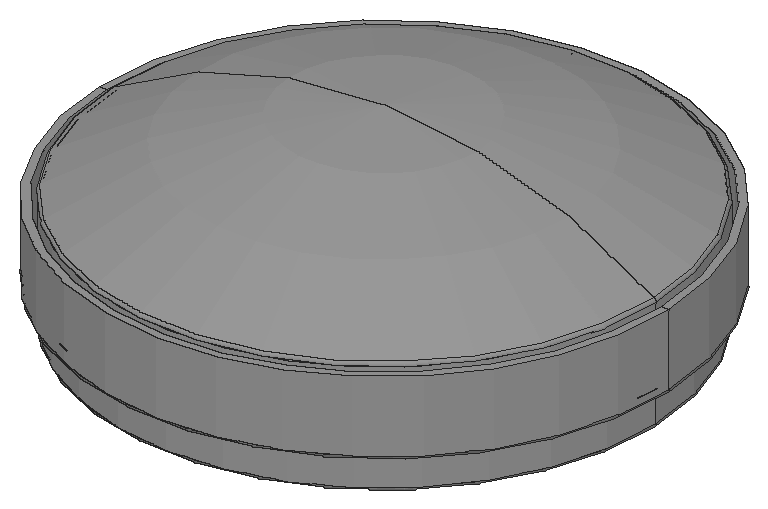
Revit family "3034767 Sylvania Lighting Fixture GIOTTO305 LED G2 3000K RECESSED 1-10V", category Lighting Fixtures, host Face, Revit 2016
Family settings
  Host = Face
  Part Type = Normal
  Round Connector Dimension = Use Diameter
  OmniClass Number = 23.80.70.00
  OmniClass Title = Lighting
  Cut with Voids When Loaded = No
  Light Source = Yes
  Shared = No
  Room Calculation Point = No
Parameters (values of type "3034767 GIOTTO305 LED G2 3000K RECESSED 1-10V")
  Weight = "1.11 kg"
  Wattage Comments = ""
  Wattage = 19 W
  WarrantyStartDate [instance] = "n/a"
  WarrantyGuarantorParts = "n/a"
  WarrantyDurationUnit = "n/a"
  WarrantyDurationParts = "n/a"
  WarrantyDescription = "n/a"
  built-in parameter 1150110 = 1 (stored number, unit not read)
  Voltage = 0 V
  URL = "http://www.sylvania-lighting.com"
  TypeName = "GIOTTO305 LED G2 3000K RECESSED 1-10V"
  Type Image = <None>
  Type Comments = "n/a"
  built-in parameter 1114217 = 1 (stored number, unit not read)
  Tilt Angle = -90.00°
  built-in parameter 1150109 = 1 (stored number, unit not read)
  built-in parameter 1150134 = (empty or 0)
  built-in parameter 1150113 = 1 (stored number, unit not read)
  SerialNumber [instance] = "n/a"
  Photometric Web File = "3034767.ies"
  Material_3_SYL = LED-Sylvania
  PowerFactor = 0
  PowerConsumption = "19 W"
  NominalLength = 305 mm
  NominalHeight = 104 mm
  NominalDepth = 305 mm
  Name = "GIOTTO305 LED G2 3000K RECESSED 1-10V"
  ModelReference = Name  # "GIOTTO305 LED G2 3000K RECESSED 1-10V"
  ModelNumber = "3034767"
  Model = Name  # "GIOTTO305 LED G2 3000K RECESSED 1-10V"
  Material = "polycarbonate housing, polycarbonate diffuser"
  ManufacturerName = "Feilo Sylvania"
  Manufacturer = "Feilo Sylvania"
  LuminousEfficacy = "78 lm/W"
  built-in parameter 1150105 = 117.93 (stored number, unit not read)
  Lumens = 1482 lm
  LuminaireType = ""
  built-in parameter 1150115 = 1 (stored number, unit not read)
  LightOutputRatio = "n/a"
  built-in parameter 1150137 = (empty or 0)
  built-in parameter 1150139 = (empty or 0)
  LampsType = Lamp  # "LED"
  LampNominalLuminous = "1491 lm"
  LampMacAdamStep = "n/a"
  LampColourTemperature = "3000 K"
  LampColourRenderingIndex = "80"
  built-in parameter 1150112 = 1 (stored number, unit not read)
  built-in parameter 1150114 = 1 (stored number, unit not read)
  Lamp = "LED"
  Keynote = "16500"
  InstallationDate [instance] = "n/a"
  InputVoltage = "n/a"
  InputNominalFrequency = "n/a"
  built-in parameter 1150132 = (empty or 0)
  built-in parameter 1150102 = (empty or 0)
  built-in parameter 1150107 = 3000 (stored number, unit not read)
  built-in parameter 1150138 = (empty or 0)
  IngressProtection = "IP44"
  ImpactProtectionIndex = "IK10"
  built-in parameter 1150106 = 1.1793 (stored number, unit not read)
  IfcExportType = "IfcLightFixtureType"
  IfcExportAs = "IfcLightFixtureType"
  Height_SYL = 104 mm
  ExpectedLife = 50000
  Emit from Circle Diameter = 317 mm
  Emit Shape Visible in Rendering = no
  ElectricShockClassification = "Class I"
  built-in parameter 1150104 = 7.2464 (stored number, unit not read)
  DurationUnit = "hours"
  DocumentationLiterature = "http://www.sylvania-lighting.com/product/en-int/products/3034767"
  DimmingControlOptions = "n/a"
  Material_2_SYL = Polycarbonate_Sylvania_Giotto_Opal
  Dimming Lamp Color Temperature Shift = <None>
  DiffuserRadius_SYL = 282.611 mm
  Diameter_SYL = 305 mm
  Description = "Ambient and decorative round, recessed mounted LED bulkhead luminaire. White robust polycarbonate body with opal diffuser, 1491 lm, 19W, 78lm/W, 3000K, CRI 80, 1-10V dimmable, 50,000 hours lumen maintenance. Drive current: 700mA, IP44, IK10, Class I, 220-240V, Energy class: A++, A+, A."
  Default Elevation = 1219.2 mm
  CreatedOn = "11/7/2018"
  CreatedBy = "@sylvania-lighting.com"
  Cost = 0
  Color Filter = 16777215
  built-in parameter 1114216 [instance] = (empty or 0)
  ClassificationValue = "EF_70_80"
  ClassificationName = "Uniclass2015"
  Material_1_SYL = Polycarbonate_Sylvania_Giotto_White
  BarCode [instance] = "n/a"
  built-in parameter 1114218 = 1 (stored number, unit not read)
  built-in parameter 1150133 = 10 (stored number, unit not read)
  AssetType = "Fixed"
  AssetIdentifier [instance] = "n/a"
  Assembly Code = "D5020200"
  Apparent Load = 19 VA
  Material_4_SYL = none
Reference planes
  plane 1 "Center (Front/Back)": y = 0
  plane 2: z = 0
  plane 3 "Center (Left/Right)": x = 0
  plane 4: x = 152.5
  plane 5: x = -152.5
  plane 6: x = -145.5
  plane 7: x = -148.5
  plane 8: z = 104
  plane 9: z = 59
  plane 10: z = 19
  plane 11: z = 24
  plane 12: x = -150.9
  plane 13: z = 20.6
  plane 14: z = 1.6
  plane 15: x = -143.9
  plane 16: z = 18
  plane 17: x = -146.5
  plane 18: z = 25
  plane 19: z = 61
Forms (mm)
  Revolve 1, solid, material "Polycarbonate_Sylvania_Giotto_White" <- "Material_1_SYL"
    sketch origin (0, 0, 0) x (1, 0, 0) y (0, 0, 1)
      loop
        line (0, 0) -> (0, 25) -> (-143.9, 25) -> (-143.9, 24) -> (-148.5, 24) -> (-148.5, 59) -> (-152.5, 59) -> (-152.5, 20.6)
        arc (-152.5, 20.6) -> (-152.031, 19.469) -> (-150.9, 19) r 1.6
        line (-150.9, 19) -> (-146.5, 19)
        arc (-146.5, 19) -> (-145.793, 18.707) -> (-145.5, 18) r 1
        line (-145.5, 18) -> (-145.5, 1.6)
        arc (-145.5, 1.6) -> (-145.031, 0.469) -> (-143.9, 0) r 1.6
        line (-143.9, 0) -> (0, 0)
      axis (0, 59) -> (0, 0)
    angle from 360 to 0
  Revolve 2, solid, material "Polycarbonate_Sylvania_Giotto_Opal" <- "Material_2_SYL"
    sketch origin (0, 0, 0) x (1, 0, 0) y (0, 0, 1)
      loop
        line (-145.5, 24) -> (-143.9, 24) -> (-143.9, 59.636)
        arc (-143.9, 59.636) -> (-143.79, 60.068) -> (-143.485, 60.394) r 0.9
        arc (-143.485, 60.394) -> (-74.754, 91.683) -> (0, 102.4) r 266.066
        line (0, 102.4) -> (0, 104)
        arc (0, 104) -> (-75.203, 93.218) -> (-144.348, 61.742) r 267.666
        arc (-144.348, 61.742) -> (-145.193, 60.836) -> (-145.5, 59.636) r 2.5
        line (-145.5, 59.636) -> (-145.5, 24)
      axis (0, 104) -> (0, 24)
    angle from 360 to 0
Dimensions and locks
  equal spacing: plane 4, plane 3 "Center (Left/Right)", plane 5
  "Diameter_SYL": plane 4 to plane 5
  locked: plane 6 to plane 5 at 7
  locked: plane 7 to plane 5 at 4
  "Height_SYL": plane 8 to plane 2
  locked: plane 8 to plane 9 at 45
  locked: plane 9 to plane 10 at 40
  Revolve 1 sketch curve to Revolve 1 sketch curve = 4.4 mm
  locked: plane 11 to plane 10 at 5
  locked: plane 12 to plane 5 at 1.6
  locked: plane 13 to plane 10 at 1.6
  locked: plane 14 to plane 2 at 1.6
  locked: plane 15 to plane 6 at 1.6
  locked: plane 6 to plane 17 at 1
  locked: plane 10 to plane 16 at 1
  locked: plane 18 to plane 11 at 1
  locked: plane 19 to plane 9 at 2
  aligned and locked: plane 2 to host face
  aligned and locked: level to host face
  aligned and locked: Revolve 1 sketch curve to plane 3 "Center (Left/Right)"
  aligned and locked: level to Revolve 1 sketch curve
  aligned and locked: Revolve 1 sketch curve to plane 10
  aligned and locked: plane 9 to Revolve 1 sketch curve
  aligned and locked: Revolve 1 sketch curve to plane 7
  aligned and locked: plane 12 to Revolve 1 sketch curve  (x2)
  aligned and locked: plane 13 to Revolve 1 sketch curve  (x2)
  aligned and locked: plane 15 to Revolve 1 sketch curve  (x3)
  aligned and locked: plane 14 to Revolve 1 sketch curve  (x2)
  aligned and locked: plane 3 "Center (Left/Right)" to imposter light
  aligned and locked: imposter light to plane 1 "Center (Front/Back)"
  aligned and locked: plane 18 to Revolve 1 sketch curve
  aligned and locked: plane 11 to Revolve 1 sketch curve
  aligned and locked: imposter light to plane 8
  aligned and locked: plane 6 to Revolve 1 sketch curve
  aligned and locked: plane 17 to Revolve 1 sketch curve
  aligned and locked: plane 16 to Revolve 1 sketch curve
  aligned and locked: Revolve 2 sketch curve to plane 3 "Center (Left/Right)"
  aligned and locked: plane 6 to Revolve 2 sketch curve
  aligned and locked: plane 3 "Center (Left/Right)" to Revolve 2 sketch curve
  aligned and locked: plane 11 to Revolve 2 sketch curve
  aligned and locked: Revolve 2 sketch curve to imposter light
Automatic sketch dimensions
  host sketch curve to host sketch curve = 2438.4 mm  (x2)
  Revolve 1 sketch curve to plane 3 "Center (Left/Right)" = 0 mm
  Revolve 1 sketch curve to level = 609.6 mm
  Revolve 1 sketch curve to plane 8 = 2499.058 mm
  Revolve 2 sketch curve to Revolve 2 sketch curve = 0 mm  (x4)
  Revolve 2 sketch curve to plane 15 = 0 mm
  Revolve 2 sketch curve to plane 8 = 0 mm
  plane 15 to Revolve 2 sketch curve = 0.9 mm
  Revolve 2 sketch curve to level = 163.666 mm
  Revolve 2 sketch curve to plane 9 = 0.636 mm
  Revolve 2 sketch curve to Revolve 2 sketch curve = 445.934 mm
  Revolve 2 sketch curve to plane 8 = 2505.058 mm
Connectors
  electrical at (0, 0, 0), driven by "Apparent Load", driven by "PowerFactor", driven by "Voltage"
    settings: index 1, voltage 0 V, apparent load 19 VA, apparent load phase1 0 VA, apparent load phase2 0 VA, apparent load phase3 0 VA, power factor 0, load classification "Lighting", number of poles 1, system type 30, power factor state 1, is connector primary yes, connector utility no, sub classification motor no, connector description ""
